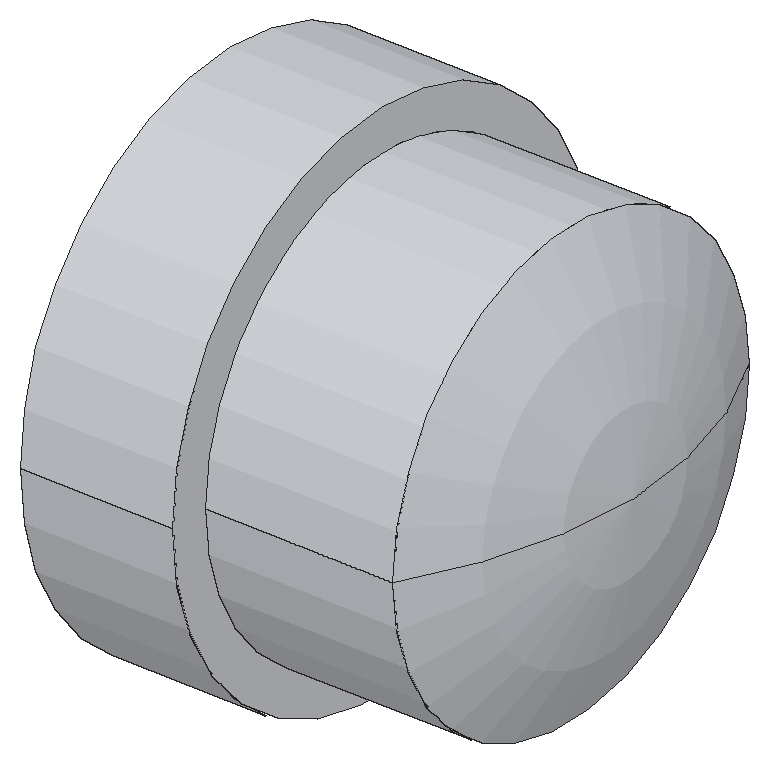
Revit family "378e5db2ddec43e4a280e679ed436953", category Pipe Fittings, Revit 2021
Family settings
  Round Connector Dimension = Use Radius
  Part Type = Cap
  OmniClass Number = 23.60.30.11.14
  OmniClass Title = Pipework Fittings
  Seek Item ID = Cap - Threaded - MI - Class 150-0000-USA-ENU
  Work Plane-Based = No
  Always vertical = Yes
  Cut with Voids When Loaded = No
  Shared = No
Parameters (values of type "Standard")
  Radius 1 [instance] = 0.5 * Fitting Outside Radius ^ 2 / Length 1 + Length 1 / 2  # 0.56021"
  Loss Method = Not Defined
  Lookup Table Name = "Cap - Threaded - MI - Class 150"
  Length 1 [instance] = (Height - Band Width) * 0.25  # 0.08268"
  Nominal Radius [instance] = 1/16"
  Nominal Diameter [instance] = Nominal Radius * 2  # 1/8"
  Metal Thickness [instance] = size_lookup(Lookup Table Name, "MThk", 0.04 * Nominal Diameter + 11/128", Nominal Diameter)  # 0.09016"
  Height [instance] = size_lookup(Lookup Table Name, "Hgt", 0.34 * Nominal Diameter + 11/16", Nominal Diameter)  # 0.5315"
  Fitting Outside Radius [instance] = Fitting Outside Diameter / 2  # 0.29291"
  Fitting Outside Diameter [instance] = Fitting Inside Diameter + Metal Thickness * 2  # 0.58583"
  Fitting Inside Diameter [instance] = size_lookup(Lookup Table Name, "FID", 1.08 * Nominal Diameter + 13/64", Nominal Diameter)  # 0.40551"
  Default Elevation = 0' - 0"
  Band Width [instance] = size_lookup(Lookup Table Name, "BWid", 0.12 * Nominal Diameter + 45/256", Nominal Diameter)  # 0.20079"
  Band Outside Radius [instance] = Band Outside Diameter / 2  # 0.34646"
  Band Outside Diameter [instance] = size_lookup(Lookup Table Name, "BOD", 1.23 * Nominal Diameter + 125/256", Nominal Diameter)  # 0.69291"
  Angle [instance] = asin(Fitting Outside Radius / Radius 1)  # 31.5243°
Reference planes (in)
  plane 1 "Center (Front/Back)": y = 0
  plane 2: z = 0
  plane 3 "Center (Left/Right)": x = 0
  plane 4: x = 0.5315
  plane 5: x = 0.20079
  plane 6: x = -0.02872
  plane 7: x = 0.44882
  plane 8: y = 0.29291
Forms (in)
  Extrusion 1, solid, detail levels fine
    sketch origin (0, 0, 0) x (0, 1, 0) y (0, 0, 1)
      loop
        circle (0, 0) r 0.34646
    from 0 to 0.20079
  Revolve 2, solid, detail levels fine
    sketch origin (0, 0, 0) x (1, 0, 0) y (0, 1, 0)
      loop
        arc (0.5315, 0) -> (0.51043, 0.15218) -> (0.44882, 0.29291) r 0.56021
        line (0.44882, 0.29291) -> (0.20079, 0.29291) -> (0.20079, 0) -> (0.5315, 0)
      axis (0.20079, 0) -> (0.5315, 0)
    angle from 0 to 360
Cuts and joins
  joined: Extrusion 1, Revolve 2
Lines and regions (in)
  model lines, detail levels coarse+medium
    curve 1: line (0, 0.34646, 0) -> (0.5315, 0.34646, 0)
    curve 2: line (0, -0.34646, 0) -> (0.5315, -0.34646, 0)
    curve 3: line (0.5315, -0.34646, 0) -> (0.5315, 0.34646, 0)
Dimensions and locks (in)
  "Height": plane 3 "Center (Left/Right)" to plane 4
  "Band Width": plane 3 "Center (Left/Right)" to plane 5
  equal spacing: curve 2, plane 1 "Center (Front/Back)", curve 1
  "Band Outside Diameter": curve 2 to curve 1
  equal spacing: curve 3, plane 1 "Center (Front/Back)", curve 3
  "Band Outside Diameter": curve 3 to curve 3
  "Radius 1": plane 6 to plane 4
  "Length 1": plane 7 to plane 4
  "Fitting Outside Radius": plane 8 to plane 1 "Center (Front/Back)"
  "Band Outside Radius": radius of Extrusion 1 sketch curve
  "Radius 1": radius of Revolve 2 sketch curve
  "Angle": angle Revolve 2 sketch curve to Revolve 2 sketch curve
  aligned and locked: plane 1 "Center (Front/Back)" to Extrusion 1 sketch curve
  aligned and locked: plane 2 to Extrusion 1 sketch curve
  aligned and locked: Extrusion 1 to plane 3 "Center (Left/Right)"
  aligned and locked: plane 5 to Extrusion 1
  aligned and locked: plane 3 "Center (Left/Right)" to curve 2
  aligned and locked: plane 3 "Center (Left/Right)" to curve 1
  aligned and locked: plane 4 to curve 3
  aligned and locked: plane 1 "Center (Front/Back)" to Revolve 2 sketch curve  (x4)
  aligned and locked: Revolve 2 sketch curve to plane 8
  aligned and locked: Revolve 2 sketch curve to plane 5
  aligned and locked: plane 4 to Revolve 2 sketch curve
  aligned and locked: plane 5 to Revolve 2 sketch curve
Automatic sketch dimensions
  Revolve 2 sketch curve to Revolve 2 sketch curve = 0' - 0 33/256"
  Revolve 2 sketch curve to Revolve 2 sketch curve = 0' - 0.40688"
Connectors (in)
  piping at (0, 0, 0), diameter 0.125, driven by "Nominal Radius"
    settings: on Extrusion 1, index 1, connector inside diameter 24", connector length 0' - 0", flow factor 0, pipe flow 0 GPM, pressure drop 0.00 psi, fitting loss kfactor 0, connector angle 0.00°, fixture units 0, engagement length 0' - 0", angle of deflection 0.00°, flow configuration 0, flow direction 0, fitting loss method 0, system type 28, joint type 0, gender type 0, connector reference index -1, connector utility 0, adjustable connector no, is connector primary yes, connector description ""
